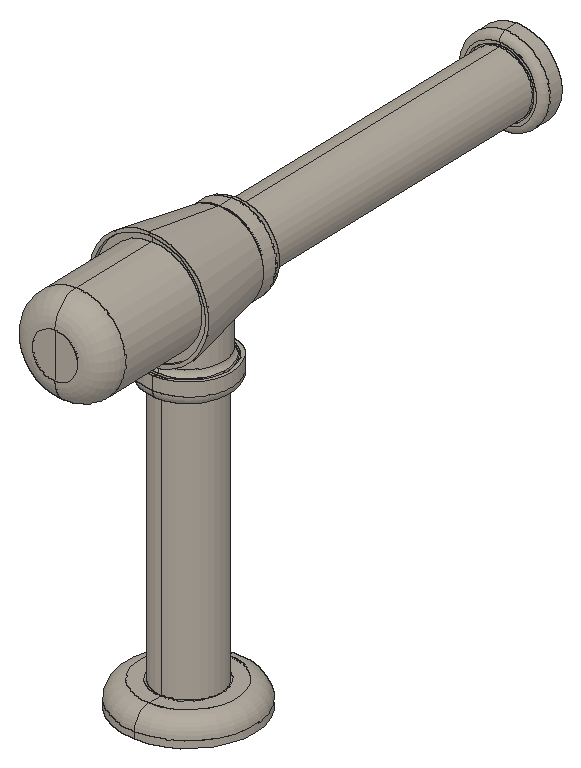
Revit family "Plumbing-Pipes-KOHLER-Complementary -K-16407IN", category Plumbing Fixtures, host Face, Revit 2021
Family settings
  Host = Face
  Round Connector Dimension = Use Diameter
  Part Type = Normal
  OmniClass Number = 23.31.13.00
  OmniClass Title = Sinks
  Cut with Voids When Loaded = No
  Shared = No
  Room Calculation Point = No
Parameters (values of type "BV-Brushed Bronze")
  Width = 2.55906"  # constant formula
  WaterSense Certified = 1 = 0  # no
  Waste Water Outlet = "Waste Water Outlet"  # constant formula
  Waste Water Inlet = "Waste Water Inlet"  # constant formula
  Waste Connection = 1 = 1  # yes
  Vent Connection = 1 = 0  # no
  URL = "https://www.kohler.co.in/"
  Type = 3
  Product Page URL = ""
  Product Name = "Complementary "  # constant formula
  Product Documentation Link = ""
  Pressure = 0.00 psi  # constant formula
  Model = if(Type = 1, "K-16407IN-AF", if(Type = 2, "K-16407IN-BN", if(Type = 3, "K-16407IN-BV", if(Type = 4, "K-16407IN-CP", "NA"))))  # "K-16407IN-BV"
  Material = "Premium Metal Construction"  # constant formula
  Master Format 2014 Name = "Residential Faucets, Supplies, and Trim"  # constant formula
  Master Format 2014 = "22 41 39"  # constant formula
  Manufacturer Address = "Ambience Office Tower NH-8 Gurgaon / Gurugram Haryana , 122001"  # constant formula
  Manufacturer = "Kohler Co."  # constant formula
  Length = 7 27/64"  # constant formula
  Hot Water Inlet = "Hot Water Inlet"  # constant formula
  Height [instance] = Distance 1 + 3.18898"  # 11.06299"
  HW Connection = 1 = 0  # no
  Flow Rate = 0 GPM  # constant formula
  Finish = Kohler-Metal-BV-Brushed_Bronze
  Environmental Product Declaration = ""
  Drain Included = 1 = 0  # no
  Distance 1 [instance] = 7.87402"
  Description = "Lavatory Bottle Trap, Without Drain"  # constant formula
  Default Elevation = 18"
  Declare Label = ""
  Date Modified = "03/05/2023"  # constant formula
  Date Created = "03/05/2023"  # constant formula
  Copyright = "Copyright Kohler Co."  # constant formula
  Contact Us = "https://www.kohler.co.in/contact-us"
  Cold Water Inlet = "Cold Water Inlet"  # constant formula
  CW Connection = 1 = 0  # no
  Assembly Code = "D2010"
  ADA Compliant = 1 = 0  # no
Reference planes (in)
  plane 1 "Center (Front/Back)": y = 0
  plane 2: z = 0
  plane 3 "Center (Left/Right)": x = 0
  plane 4 "A": y = 7.87402
  plane 5: y = -3.18898
  plane 6: x = 1.27953
  plane 7: x = -1.27953
  plane 8: y = 1.1993
  plane 9: x = 0
  plane 10: x = 0.85039
  plane 11: x = -0.85039
  plane 12: z = 0.47366
  plane 13: x = 1.14634
  plane 14: x = -1.14644
  plane 15: y = -0.625
  plane 16: y = 0.625
  plane 17: x = 0.625
  plane 18: x = -0.625
  plane 19: z = 7.42187
  plane 20: z = 8.5679
  plane 21: z = 6.27462
  plane 22: z = 6.47638
  plane 23: z = 8.36614
  plane 24: y = 7.79054
  plane 25: z = 6.5701
  plane 26: z = 8.27242
  plane 27: y = 1.27953
  plane 28: y = -1.27953
  plane 29: z = 5.62992
  plane 30: y = -0.94434
  plane 31: z = 6.04458
  plane 32: y = 7.59136
Dimensions and locks (in)
  "Width": plane 7 to plane 6
  "Height": plane 4 "A" to plane 5
  "Distance 1": plane 4 "A" to plane 1 "Center (Front/Back)"
  locked: plane 5 to plane 1 "Center (Front/Back)" at 3.1875
  plane 11 to plane 10 = 1.70079"  (x2)
  plane 8 to plane 5 = 4.38827"
  "Length": level to plane 19
  plane 6 to plane 7 = 2.55906"
  plane 5 to plane 1 "Center (Front/Back)" = 3.18898"
  plane 14 to plane 13 = 2.29279"
  level to plane 12 = 0.47366"
  level to plane 20 = 8.5679"
  level to plane 19 = 7 27/64"  (x2)
  nested 1 to plane 5 = 3.18898"
  plane 12 to level = 0.47366"
  plane 4 "A" to plane 32 = 0.28265"
  plane 24 to plane 4 "A" = 0.08348"
  aligned and locked: plane 2 to host face
  aligned and locked: level to host face
  aligned and locked: plane 3 "Center (Left/Right)" to nested 1
  aligned and locked: plane 1 "Center (Front/Back)" to nested 1
Automatic sketch dimensions
  host sketch curve to host sketch curve = 96"  (x2)
Nested families (in)
  nested 1: "K-16407IN" at (0, 0, 0), type "K-16407IN"
Connectors (in)
  piping at (0, 0, 0), diameter 1.5, driven by "Waste Connection", driven by "Waste Water Outlet"
    settings: on nested 1, index 1, connector inside diameter 24", connector length 0", flow factor 0, pipe flow 0 GPM, pressure drop 0.00 psi, fitting loss kfactor 0, connector angle 0.00°, fixture units 0, engagement length 0", angle of deflection 0.00°, flow configuration 0, flow direction 2, fitting loss method 0, system type 16, joint type 0, gender type 0, connector reference index -1, connector utility 1, adjustable connector no, is connector primary yes, connector description "Waste Water Outlet"
  piping at (0, 7.87402, 7.42126), diameter 1.5, driven by "Waste Connection", driven by "Waste Water Inlet"
    settings: on nested 1, index 2, connector inside diameter 24", connector length 0", flow factor 0, pipe flow 0 GPM, pressure drop 0.00 psi, fitting loss kfactor 0, connector angle 0.00°, fixture units 0, engagement length 0", angle of deflection 0.00°, flow configuration 0, flow direction 1, fitting loss method 0, system type 16, joint type 0, gender type 0, connector reference index -1, connector utility 1, adjustable connector no, is connector primary no, connector description "Waste Water Inlet"
Definition of nested family "K-16407IN"
  Parameters (values of type "K-16407IN")
    Material = none
    Distance 2 = 11.16142"
    Distance 1 = 7.87402"
    Default Elevation = 0"
  Reference planes (in)
    plane 1 "Center (Front/Back)": y = 0
    plane 2: z = 0
    plane 3 "Center (Left/Right)": x = 0
    plane 4: y = 7.87402
    plane 5: y = -3.18899
    plane 6: y = 1.20077
    plane 7: x = 0.85039
    plane 8: x = -0.85039
    plane 9: x = 1.27953
    plane 10: x = -1.27953
    plane 11: y = 0.85039
    plane 12: y = -0.85039
    plane 13: y = -1.27953
    plane 14: y = 1.27953
    plane 15: x = -1.14644
    plane 16: x = 1.14634
    plane 17: z = 7.42126
    plane 18: z = 8.27242
    plane 19: z = 6.5701
    plane 20: z = 8.5679
    plane 21: z = 6.27462
    plane 22: z = 8.36614
    plane 23: z = 6.47638
    plane 24: y = 7.59136
  Forms (in)
    Revolve 1, solid, material <- "Material", detail levels medium+fine
      sketch origin (0, 0, 0) x (0, 1, 0) y (0, 0, 1)
        loop
          line (0, 0) -> (1.27953, 0) -> (1.27953, 0.13244)
          arc (1.27953, 0.13244) -> (1.17958, 0.37372) -> (0.9383, 0.47366) r 0.34123
          line (0.9383, 0.47366) -> (0.66339, 0.47366)
          arc (0.66339, 0.47366) -> (0.63945, 0.46572) -> (0.625, 0.44504) r 0.04006
          line (0.625, 0.44504) -> (0.625, 5.62992) -> (0.66154, 5.62992) -> (0.66154, 5.67987) -> (0.69304, 5.67987) -> (0.69304, 5.62992) -> (0.74327, 5.62992)
          arc (0.74327, 5.62992) -> (0.75847, 5.63223) -> (0.7723, 5.63895) r 0.05118
          arc (0.7723, 5.63895) -> (0.82968, 5.70362) -> (0.85039, 5.78756) r 0.18044
          line (0.85039, 5.78756) -> (0.85039, 6.04458) -> (0.78979, 6.04458) -> (0.76972, 6.01279) -> (0.73875, 6.01279) -> (0.73875, 6.04458)
          arc (0.73875, 6.04458) -> (0.69239, 6.0974) -> (0.67567, 6.16566) r 0.14774
          line (0.67567, 6.16566) -> (0.67567, 7.42126) -> (0, 7.42126) -> (0, 0)
        axis (0, 0) -> (0, 7.42126)
      angle from 0 to 360
    Revolve 2, solid, material <- "Material", detail levels medium+fine
      sketch origin (0, 0, 0) x (0, 1, 0) y (0, 0, 1)
        loop
          line (7.87402, 7.42126) -> (7.87402, 8.27242) -> (7.59737, 8.27242)
          arc (7.59737, 8.27242) -> (7.49888, 8.23163) -> (7.45809, 8.13314) r 0.13928
          line (7.45809, 8.13314) -> (7.45809, 8.08079) -> (7.49742, 8.08079) -> (7.49742, 8.04536) -> (7.45809, 8.04536) -> (1.11838, 8.04536) -> (1.11838, 8.07644) -> (1.20077, 8.12401) -> (1.20077, 8.15662)
          arc (1.20077, 8.15662) -> (1.19798, 8.17562) -> (1.18986, 8.19302) r 0.06611
          arc (1.18986, 8.19302) -> (1.1266, 8.25088) -> (1.04348, 8.27184) r 0.17532
          line (1.04348, 8.27184) -> (0.74848, 8.27184) -> (0.74848, 8.21065) -> (0.782, 8.21065) -> (0.782, 8.17859) -> (0.72812, 8.17859) -> (0.72812, 8.273) -> (-0.94434, 8.5679) -> (-0.94434, 8.50483) -> (-0.87186, 8.50483) -> (-0.87186, 8.36614) -> (-2.6832, 8.36614)
          arc (-2.6832, 8.36614) -> (-3.04085, 8.218) -> (-3.18899, 7.86035) r 0.50579
          line (-3.18899, 7.86035) -> (-3.18899, 7.42126) -> (7.87402, 7.42126)
        axis (-3.18899, 7.42126) -> (7.87402, 7.42126)
      angle from 0 to 360
    Revolve 3, solid, material <- "Material", detail levels coarse
      sketch origin (0, 0, 0) x (0, 1, 0) y (0, 0, 1)
        loop
          line (0, 0) -> (1.27953, 0) -> (1.27953, 0.47366) -> (0.625, 0.47366) -> (0.625, 7.44036) -> (0, 7.44036) -> (0, 0)
        axis (0, 0) -> (0, 7.44036)
      angle from 0 to 360
    Revolve 4, solid, material <- "Material", detail levels coarse
      sketch origin (0, 0, 0) x (0, 1, 0) y (0, 0, 1)
        loop
          line (7.87402, 7.42126) -> (7.87402, 8.27242) -> (7.45809, 8.27242) -> (7.45809, 8.04536) -> (1.20077, 8.04536) -> (1.20077, 8.5679) -> (-2.79529, 8.5679)
          arc (-2.79529, 8.5679) -> (-3.07368, 8.45259) -> (-3.18899, 8.1742) r 0.3937
          line (-3.18899, 8.1742) -> (-3.18899, 7.42126) -> (7.87402, 7.42126)
        axis (-3.18899, 7.42126) -> (7.87402, 7.42126)
      angle from 0 to 360
    Extrusion 5, solid, material <- "Material", detail levels medium+fine
      sketch origin (0, 0, 0) x (1, 0, 0) y (0, 1, 0)
        loop
          circle (0, 0) r 0.19685
      from 0 to 0.19685
    Extrusion 6, void
      sketch origin (0, 0, -3.74016) x (1, 0, 0) y (0, 0, 1)
        loop
          circle (0, 11.16142) r 0.59055
      from -7.59136 to -1.20077
    Revolve 7, void
      sketch origin (0, 0, -3.74016) x (0, 1, 0) y (0, 0, 1)
        loop
          line (7.59136, 11.87008) -> (7.59136, 11.16142) -> (7.98739, 11.16142) -> (7.98739, 11.87008) -> (7.59136, 11.87008)
        axis (7.59136, 11.16142) -> (7.98739, 11.16142)
      angle from 0 to 360
  Cuts and joins
    Extrusion 6, Revolve 7 cuts Revolve 2
    joined: Revolve 1, Revolve 2
    joined: Revolve 3, Revolve 4
  Lines and regions (in)
    Masking region 1
      outline origin (0, 0, 0) x (1, 0, 0) y (0, 1, 0)
        loop
          line (0, 7.87402) -> (-0.85039, 7.87402) -> (-0.85039, 7.6171)
          arc (-0.85039, 7.6171) -> (-0.82448, 7.52369) -> (-0.75363, 7.45752) r 0.17882
          line (-0.75363, 7.45752) -> (-0.6236, 7.45712) -> (-0.6236, 1.19986) -> (-0.75139, 1.20073)
          arc (-0.75139, 1.20073) -> (-0.82336, 1.13629) -> (-0.85039, 1.04354) r 0.17574
          line (-0.85039, 1.04354) -> (-0.85039, 0.95604)
          arc (-0.85039, 0.95604) -> (-1.26421, 0.19742) -> (-1.10139, -0.65125) r 1.27953
          line (-1.10139, -0.65125) -> (-1.15413, -0.94299) -> (-0.95237, -0.94385) -> (-0.95986, -2.6827)
          arc (-0.95986, -2.6827) -> (-0.82672, -3.02687) -> (-0.49523, -3.18899) r 0.50579
          line (-0.49523, -3.18899) -> (0.02014, -3.18899) -> (0.49523, -3.18899)
          arc (0.49523, -3.18899) -> (0.82672, -3.02687) -> (0.95986, -2.6827) r 0.50579
          line (0.95986, -2.6827) -> (0.95237, -0.94385) -> (1.15413, -0.94299) -> (1.10139, -0.65125)
          arc (1.10139, -0.65125) -> (1.26421, 0.19742) -> (0.85039, 0.95604) r 1.27953
          line (0.85039, 0.95604) -> (0.85039, 1.04354)
          arc (0.85039, 1.04354) -> (0.82336, 1.13629) -> (0.75139, 1.20073) r 0.17574
          line (0.75139, 1.20073) -> (0.6236, 1.19986) -> (0.6236, 7.45712) -> (0.75363, 7.45752)
          arc (0.75363, 7.45752) -> (0.82448, 7.52369) -> (0.85039, 7.6171) r 0.17882
          line (0.85039, 7.6171) -> (0.85039, 7.87402) -> (0, 7.87402)
    Masking region 2
      outline origin (0, 0, 0) x (1, 0, 0) y (0, 0, 1)
        loop
          line (0, 0) -> (1.27953, 0) -> (1.27953, 0.13244)
          arc (1.27953, 0.13244) -> (1.17958, 0.37372) -> (0.9383, 0.47366) r 0.34123
          line (0.9383, 0.47366) -> (0.625, 0.47366) -> (0.625, 5.62992) -> (0.75776, 5.62992)
          arc (0.75776, 5.62992) -> (0.82552, 5.69614) -> (0.85039, 5.78756) r 0.18044
          line (0.85039, 5.78756) -> (0.85039, 6.04458) -> (0.73875, 6.04458)
          arc (0.73875, 6.04458) -> (0.69239, 6.0974) -> (0.67567, 6.16566) r 0.14774
          line (0.67567, 6.16566) -> (0.67567, 6.49484)
          arc (0.67567, 6.49484) -> (0, 8.5679) -> (-0.67567, 6.49484) r 1.14664
          line (-0.67567, 6.49484) -> (-0.67567, 6.16566)
          arc (-0.67567, 6.16566) -> (-0.69239, 6.0974) -> (-0.73875, 6.04458) r 0.14774
          line (-0.73875, 6.04458) -> (-0.85039, 6.04458) -> (-0.85039, 5.78756)
          arc (-0.85039, 5.78756) -> (-0.82552, 5.69614) -> (-0.75776, 5.62992) r 0.18044
          line (-0.75776, 5.62992) -> (-0.625, 5.62992) -> (-0.625, 0.47366) -> (-0.9383, 0.47366)
          arc (-0.9383, 0.47366) -> (-1.17958, 0.37372) -> (-1.27953, 0.13244) r 0.34123
          line (-1.27953, 0.13244) -> (-1.27953, 0) -> (0, 0)
    Masking region 3
      outline origin (0, 0, 0) x (0, 1, 0) y (0, 0, 1)
        loop
          line (7.87402, 7.42126) -> (7.87402, 8.27242) -> (7.6171, 8.27242)
          arc (7.6171, 8.27242) -> (7.5239, 8.24618) -> (7.45809, 8.17518) r 0.17862
          line (7.45809, 8.17518) -> (7.45809, 8.04536) -> (1.20077, 8.04536) -> (1.20077, 8.17396)
          arc (1.20077, 8.17396) -> (1.13611, 8.24537) -> (1.04348, 8.27184) r 0.17532
          line (1.04348, 8.27184) -> (0.78539, 8.27184) -> (0.78539, 8.17859) -> (0.72812, 8.17859) -> (0.72812, 8.273) -> (-0.94434, 8.5679) -> (-0.94434, 8.36614) -> (-2.6832, 8.36614)
          arc (-2.6832, 8.36614) -> (-3.04085, 8.218) -> (-3.18899, 7.86035) r 0.50579
          line (-3.18899, 7.86035) -> (-3.18899, 7.42126) -> (-3.18899, 6.98217)
          arc (-3.18899, 6.98217) -> (-3.04085, 6.62452) -> (-2.6832, 6.47638) r 0.50579
          line (-2.6832, 6.47638) -> (-0.94434, 6.47638) -> (-0.94434, 6.27462) -> (-0.67567, 6.32199) -> (-0.67567, 6.16566)
          arc (-0.67567, 6.16566) -> (-0.69239, 6.0974) -> (-0.73875, 6.04458) r 0.14774
          line (-0.73875, 6.04458) -> (-0.85039, 6.04458) -> (-0.85039, 5.78756)
          arc (-0.85039, 5.78756) -> (-0.82552, 5.69614) -> (-0.75776, 5.62992) r 0.18044
          line (-0.75776, 5.62992) -> (-0.625, 5.62992) -> (-0.625, 0.47366) -> (-0.9383, 0.47366)
          arc (-0.9383, 0.47366) -> (-1.17958, 0.37372) -> (-1.27953, 0.13244) r 0.34123
          line (-1.27953, 0.13244) -> (-1.27953, 0) -> (0, 0) -> (1.27953, 0) -> (1.27953, 0.13244)
          arc (1.27953, 0.13244) -> (1.17958, 0.37372) -> (0.9383, 0.47366) r 0.34123
          line (0.9383, 0.47366) -> (0.625, 0.47366) -> (0.625, 5.62992) -> (0.75776, 5.62992)
          arc (0.75776, 5.62992) -> (0.82552, 5.69614) -> (0.85039, 5.78756) r 0.18044
          line (0.85039, 5.78756) -> (0.85039, 6.04458) -> (0.73875, 6.04458)
          arc (0.73875, 6.04458) -> (0.69239, 6.0974) -> (0.67567, 6.16566) r 0.14774
          line (0.67567, 6.16566) -> (0.67567, 6.36251) -> (0.67567, 6.56027) -> (0.72812, 6.56952) -> (0.72812, 6.66393) -> (0.78539, 6.66393) -> (0.78539, 6.57068) -> (1.04348, 6.57068)
          arc (1.04348, 6.57068) -> (1.13611, 6.59715) -> (1.20077, 6.66856) r 0.17532
          line (1.20077, 6.66856) -> (1.20077, 6.79716) -> (7.45809, 6.79716) -> (7.45809, 6.66734)
          arc (7.45809, 6.66734) -> (7.5239, 6.59634) -> (7.6171, 6.5701) r 0.17862
          line (7.6171, 6.5701) -> (7.87402, 6.5701) -> (7.87402, 7.42126)
    symbolic lines, detail levels medium+fine
      curve 1: line (-0.6236, 7.45712, 0) -> (0.6236, 7.45712, 0)
      curve 2: line (-0.6236, 1.19986, 0) -> (0.6236, 1.19986, 0)
      curve 3: line (-0.95238, -0.94434, 0) -> (0.95238, -0.94434, 0)
      curve 4: line (-1.10139, -0.65125, 0) -> (-0.85039, 0.72812, 0)
      curve 5: line (1.10139, -0.65125, 0) -> (0.85174, 0.72812, 0)
      curve 6: line (-0.85039, 0.78539, 0) -> (0.85039, 0.78539, 0)
      curve 7: line (-0.85039, 0.72812, 0) -> (0, 0.72812, 0)
      curve 8: line (0, 0.72812, 0) -> (0.85174, 0.72812, 0)
      curve 9: line (-0.85039, 0.95649, 0) -> (-0.85039, 0.78539, 0)
      curve 10: line (0.85039, 0.95649, 0) -> (0.85039, 0.78539, 0)
      curve 11: line (0.75286, 0.78539, 0) -> (0.75286, 0.72812, 0)
      curve 12: line (-0.75286, 0.78539, 0) -> (-0.75286, 0.72812, 0)
      curve 13: line (-0.625, 0, 0.47366) -> (0.625, 0, 0.47366)
      curve 14: line (-0.625, 0, 5.62992) -> (0.625, 0, 5.62992)
      curve 15: line (-0.73875, 0, 6.04458) -> (0.73875, 0, 6.04458)
      curve 16: arc (-0.67567, 0, 6.49484) -> (0, 0, 6.27462) -> (0.67567, 0, 6.49484) r 1.14664
      curve 17: circle (0, 0, 7.42126) r 0.94488 normal (0, -1, 0)
      curve 18: line (0, 7.45809, 6.79716) -> (0, 7.45809, 8.04536)
      curve 19: line (0, 1.20077, 6.79716) -> (0, 1.20077, 8.04536)
      curve 20: line (0, 0.78539, 6.66393) -> (0, 0.78539, 8.17859)
      curve 21: line (0, 0.72812, 8.17859) -> (0, 0.72812, 6.66393)
      curve 22: line (0, -0.94434, 8.36614) -> (0, -0.94434, 6.47638)
      curve 23: line (0, 0.73875, 6.04458) -> (0, -0.73875, 6.04458)
      curve 24: line (0, 0.625, 5.62992) -> (0, -0.625, 5.62992)
      curve 25: line (0, 0.625, 0.47366) -> (0, -0.625, 0.47366)
      curve 26: arc (0, 0.67567, 6.56027) -> (0, -0.04942, 6.7214) -> (0, -0.67567, 6.32199) r 0.96931
      curve 27: line (-0.85039, 0, 5.97117) -> (0.85039, 0, 5.97117)
      curve 28: line (-0.85039, 0, 5.83417) -> (0.85039, 0, 5.83417)
      curve 29: line (-0.82677, 0, 5.83417) -> (-0.82677, 0, 5.97117)
      curve 30: line (-0.7874, 0, 5.83417) -> (-0.7874, 0, 5.97117)
      curve 31: line (-0.74803, 0, 5.83417) -> (-0.74803, 0, 5.97117)
      curve 32: line (-0.70866, 0, 5.83417) -> (-0.70866, 0, 5.97117)
      curve 33: line (-0.66929, 0, 5.83417) -> (-0.66929, 0, 5.97117)
      curve 34: line (-0.62992, 0, 5.83417) -> (-0.62992, 0, 5.97117)
      curve 35: line (-0.59055, 0, 5.83417) -> (-0.59055, 0, 5.97117)
      curve 36: line (-0.55118, 0, 5.83417) -> (-0.55118, 0, 5.97117)
      curve 37: line (-0.51181, 0, 5.83417) -> (-0.51181, 0, 5.97117)
      curve 38: line (-0.47244, 0, 5.83417) -> (-0.47244, 0, 5.97117)
      curve 39: line (-0.43307, 0, 5.83417) -> (-0.43307, 0, 5.97117)
      curve 40: line (-0.3937, 0, 5.83417) -> (-0.3937, 0, 5.97117)
      curve 41: line (-0.35433, 0, 5.83417) -> (-0.35433, 0, 5.97117)
      curve 42: line (-0.31496, 0, 5.83417) -> (-0.31496, 0, 5.97117)
      curve 43: line (-0.27559, 0, 5.83417) -> (-0.27559, 0, 5.97117)
      curve 44: line (-0.23622, 0, 5.83417) -> (-0.23622, 0, 5.97117)
      curve 45: line (-0.19685, 0, 5.83417) -> (-0.19685, 0, 5.97117)
      curve 46: line (-0.15748, 0, 5.83417) -> (-0.15748, 0, 5.97117)
      curve 47: line (-0.11811, 0, 5.83417) -> (-0.11811, 0, 5.97117)
      curve 48: line (-0.07874, 0, 5.83417) -> (-0.07874, 0, 5.97117)
      curve 49: line (-0.03937, 0, 5.83417) -> (-0.03937, 0, 5.97117)
      curve 50: line (0, 0, 5.83417) -> (0, 0, 5.97117)
      curve 51: line (0.82677, 0, 5.83417) -> (0.82677, 0, 5.97117)
      curve 52: line (0.7874, 0, 5.83417) -> (0.7874, 0, 5.97117)
      curve 53: line (0.74803, 0, 5.83417) -> (0.74803, 0, 5.97117)
      curve 54: line (0.70866, 0, 5.83417) -> (0.70866, 0, 5.97117)
      curve 55: line (0.66929, 0, 5.83417) -> (0.66929, 0, 5.97117)
      curve 56: line (0.62992, 0, 5.83417) -> (0.62992, 0, 5.97117)
      curve 57: line (0.59055, 0, 5.83417) -> (0.59055, 0, 5.97117)
      curve 58: line (0.55118, 0, 5.83417) -> (0.55118, 0, 5.97117)
      curve 59: line (0.51181, 0, 5.83417) -> (0.51181, 0, 5.97117)
      curve 60: line (0.47244, 0, 5.83417) -> (0.47244, 0, 5.97117)
      curve 61: line (0.43307, 0, 5.83417) -> (0.43307, 0, 5.97117)
      curve 62: line (0.3937, 0, 5.83417) -> (0.3937, 0, 5.97117)
      curve 63: line (0.35433, 0, 5.83417) -> (0.35433, 0, 5.97117)
      curve 64: line (0.31496, 0, 5.83417) -> (0.31496, 0, 5.97117)
      curve 65: line (0.27559, 0, 5.83417) -> (0.27559, 0, 5.97117)
      curve 66: line (0.23622, 0, 5.83417) -> (0.23622, 0, 5.97117)
      curve 67: line (0.19685, 0, 5.83417) -> (0.19685, 0, 5.97117)
      curve 68: line (0.15748, 0, 5.83417) -> (0.15748, 0, 5.97117)
      curve 69: line (0.11811, 0, 5.83417) -> (0.11811, 0, 5.97117)
      curve 70: line (0.07874, 0, 5.83417) -> (0.07874, 0, 5.97117)
      curve 71: line (0.03937, 0, 5.83417) -> (0.03937, 0, 5.97117)
      curve 72: line (-0.85039, 7.78866, 0) -> (0.85039, 7.78866, 0)
      curve 73: line (-0.85039, 7.63613, 0) -> (0.85039, 7.63613, 0)
      curve 74: line (-0.00033, 7.63613, 0) -> (-0.00033, 7.78866, 0)
      curve 75: line (-0.0397, 7.63613, 0) -> (-0.0397, 7.78866, 0)
      curve 76: line (-0.07907, 7.63613, 0) -> (-0.07907, 7.78866, 0)
      curve 77: line (-0.11844, 7.63613, 0) -> (-0.11844, 7.78866, 0)
      curve 78: line (-0.15781, 7.63613, 0) -> (-0.15781, 7.78866, 0)
      curve 79: line (-0.19718, 7.63613, 0) -> (-0.19718, 7.78866, 0)
      curve 80: line (-0.23655, 7.63613, 0) -> (-0.23655, 7.78866, 0)
      curve 81: line (-0.27592, 7.63613, 0) -> (-0.27592, 7.78866, 0)
      curve 82: line (-0.31529, 7.63613, 0) -> (-0.31529, 7.78866, 0)
      curve 83: line (-0.35466, 7.63613, 0) -> (-0.35466, 7.78866, 0)
      curve 84: line (-0.39403, 7.63613, 0) -> (-0.39403, 7.78866, 0)
      curve 85: line (-0.4334, 7.63613, 0) -> (-0.4334, 7.78866, 0)
      curve 86: line (-0.47277, 7.63613, 0) -> (-0.47277, 7.78866, 0)
      curve 87: line (-0.51214, 7.63613, 0) -> (-0.51214, 7.78866, 0)
      curve 88: line (-0.55151, 7.63613, 0) -> (-0.55151, 7.78866, 0)
      curve 89: line (-0.59088, 7.63613, 0) -> (-0.59088, 7.78866, 0)
      curve 90: line (-0.63025, 7.63613, 0) -> (-0.63025, 7.78866, 0)
      curve 91: line (-0.66962, 7.63613, 0) -> (-0.66962, 7.78866, 0)
      curve 92: line (-0.70899, 7.63613, 0) -> (-0.70899, 7.78866, 0)
      curve 93: line (-0.74836, 7.63613, 0) -> (-0.74836, 7.78866, 0)
      curve 94: line (-0.78773, 7.63613, 0) -> (-0.78773, 7.78866, 0)
      curve 95: line (-0.8271, 7.63613, 0) -> (-0.8271, 7.78866, 0)
      curve 96: line (0.0397, 7.63613, 0) -> (0.0397, 7.78866, 0)
      curve 97: line (0.07907, 7.63613, 0) -> (0.07907, 7.78866, 0)
      curve 98: line (0.11844, 7.63613, 0) -> (0.11844, 7.78866, 0)
      curve 99: line (0.15781, 7.63613, 0) -> (0.15781, 7.78866, 0)
      curve 100: line (0.19718, 7.63613, 0) -> (0.19718, 7.78866, 0)
      curve 101: line (0.23655, 7.63613, 0) -> (0.23655, 7.78866, 0)
      curve 102: line (0.27592, 7.63613, 0) -> (0.27592, 7.78866, 0)
      curve 103: line (0.31529, 7.63613, 0) -> (0.31529, 7.78866, 0)
      curve 104: line (0.35466, 7.63613, 0) -> (0.35466, 7.78866, 0)
      curve 105: line (0.39403, 7.63613, 0) -> (0.39403, 7.78866, 0)
      curve 106: line (0.4334, 7.63613, 0) -> (0.4334, 7.78866, 0)
      curve 107: line (0.47277, 7.63613, 0) -> (0.47277, 7.78866, 0)
      curve 108: line (0.51214, 7.63613, 0) -> (0.51214, 7.78866, 0)
      curve 109: line (0.55151, 7.63613, 0) -> (0.55151, 7.78866, 0)
      curve 110: line (0.59088, 7.63613, 0) -> (0.59088, 7.78866, 0)
      curve 111: line (0.63025, 7.63613, 0) -> (0.63025, 7.78866, 0)
      curve 112: line (0.66962, 7.63613, 0) -> (0.66962, 7.78866, 0)
      curve 113: line (0.70899, 7.63613, 0) -> (0.70899, 7.78866, 0)
      curve 114: line (0.74836, 7.63613, 0) -> (0.74836, 7.78866, 0)
      curve 115: line (0.78773, 7.63613, 0) -> (0.78773, 7.78866, 0)
      curve 116: line (0.8271, 7.63613, 0) -> (0.8271, 7.78866, 0)
      curve 117: line (-0.85039, 0.90728, 0) -> (0.85039, 0.90728, 0)
      curve 118: line (-0.00033, 0.90728, 0) -> (-0.00033, 1.0475, 0)
      curve 119: line (-0.0397, 0.90728, 0) -> (-0.0397, 1.0475, 0)
      curve 120: line (-0.07907, 0.90728, 0) -> (-0.07907, 1.0475, 0)
      curve 121: line (-0.11844, 0.90728, 0) -> (-0.11844, 1.0475, 0)
      curve 122: line (-0.15781, 0.90728, 0) -> (-0.15781, 1.0475, 0)
      curve 123: line (-0.19718, 0.90728, 0) -> (-0.19718, 1.0475, 0)
      curve 124: line (-0.23655, 0.90728, 0) -> (-0.23655, 1.0475, 0)
      curve 125: line (-0.27592, 0.90728, 0) -> (-0.27592, 1.0475, 0)
      curve 126: line (-0.31529, 0.90728, 0) -> (-0.31529, 1.0475, 0)
      curve 127: line (-0.35466, 0.90728, 0) -> (-0.35466, 1.0475, 0)
      curve 128: line (-0.39403, 0.90728, 0) -> (-0.39403, 1.0475, 0)
      curve 129: line (-0.4334, 0.90728, 0) -> (-0.4334, 1.0475, 0)
      curve 130: line (-0.47277, 0.90728, 0) -> (-0.47277, 1.0475, 0)
      curve 131: line (-0.51214, 0.90728, 0) -> (-0.51214, 1.0475, 0)
      curve 132: line (-0.55151, 0.90728, 0) -> (-0.55151, 1.0475, 0)
      curve 133: line (-0.59088, 0.90728, 0) -> (-0.59088, 1.0475, 0)
      curve 134: line (-0.63025, 0.90728, 0) -> (-0.63025, 1.0475, 0)
      curve 135: line (-0.66962, 0.90728, 0) -> (-0.66962, 1.0475, 0)
      curve 136: line (-0.70899, 0.90728, 0) -> (-0.70899, 1.0475, 0)
      curve 137: line (-0.74836, 0.90728, 0) -> (-0.74836, 1.0475, 0)
      curve 138: line (-0.78773, 0.90728, 0) -> (-0.78773, 1.0475, 0)
      curve 139: line (-0.8271, 0.90728, 0) -> (-0.8271, 1.0475, 0)
      curve 140: line (0.0397, 0.90728, 0) -> (0.0397, 1.0475, 0)
      curve 141: line (0.07907, 0.90728, 0) -> (0.07907, 1.0475, 0)
      curve 142: line (0.11844, 0.90728, 0) -> (0.11844, 1.0475, 0)
      curve 143: line (0.15781, 0.90728, 0) -> (0.15781, 1.0475, 0)
      curve 144: line (0.19718, 0.90728, 0) -> (0.19718, 1.0475, 0)
      curve 145: line (0.23655, 0.90728, 0) -> (0.23655, 1.0475, 0)
      curve 146: line (0.27592, 0.90728, 0) -> (0.27592, 1.0475, 0)
      curve 147: line (0.31529, 0.90728, 0) -> (0.31529, 1.0475, 0)
      curve 148: line (0.35466, 0.90728, 0) -> (0.35466, 1.0475, 0)
      curve 149: line (0.39403, 0.90728, 0) -> (0.39403, 1.0475, 0)
      curve 150: line (0.4334, 0.90728, 0) -> (0.4334, 1.0475, 0)
      curve 151: line (0.47277, 0.90728, 0) -> (0.47277, 1.0475, 0)
      curve 152: line (0.51214, 0.90728, 0) -> (0.51214, 1.0475, 0)
      curve 153: line (0.55151, 0.90728, 0) -> (0.55151, 1.0475, 0)
      curve 154: line (0.59088, 0.90728, 0) -> (0.59088, 1.0475, 0)
      curve 155: line (0.63025, 0.90728, 0) -> (0.63025, 1.0475, 0)
      curve 156: line (0.66962, 0.90728, 0) -> (0.66962, 1.0475, 0)
      curve 157: line (0.70899, 0.90728, 0) -> (0.70899, 1.0475, 0)
      curve 158: line (0.74836, 0.90728, 0) -> (0.74836, 1.0475, 0)
      curve 159: line (0.78773, 0.90728, 0) -> (0.78773, 1.0475, 0)
      curve 160: line (0.8271, 0.90728, 0) -> (0.8271, 1.0475, 0)
      curve 161: line (0, 7.79054, 8.27242) -> (0, 7.79054, 6.5701)
      curve 162: line (0, 7.63942, 6.5701) -> (0, 7.63942, 8.27242)
      curve 163: line (0, 7.79054, 7.42126) -> (0, 7.63942, 7.42126)
      curve 164: line (0, 7.79054, 7.46063) -> (0, 7.63942, 7.46063)
      curve 165: line (0, 7.79054, 7.5) -> (0, 7.63942, 7.5)
      curve 166: line (0, 7.79054, 7.53937) -> (0, 7.63942, 7.53937)
      curve 167: line (0, 7.79054, 7.57874) -> (0, 7.63942, 7.57874)
      curve 168: line (0, 7.79054, 7.61811) -> (0, 7.63942, 7.61811)
      curve 169: line (0, 7.79054, 7.65748) -> (0, 7.63942, 7.65748)
      curve 170: line (0, 7.79054, 7.69685) -> (0, 7.63942, 7.69685)
      curve 171: line (0, 7.79054, 7.73622) -> (0, 7.63942, 7.73622)
      curve 172: line (0, 7.79054, 7.77559) -> (0, 7.63942, 7.77559)
      curve 173: line (0, 7.79054, 7.81496) -> (0, 7.63942, 7.81496)
      curve 174: line (0, 7.79054, 7.85433) -> (0, 7.63942, 7.85433)
      curve 175: line (0, 7.79054, 7.8937) -> (0, 7.63942, 7.8937)
      curve 176: line (0, 7.79054, 7.93307) -> (0, 7.63942, 7.93307)
      curve 177: line (0, 7.79054, 7.97244) -> (0, 7.63942, 7.97244)
      curve 178: line (0, 7.79054, 8.01181) -> (0, 7.63942, 8.01181)
      curve 179: line (0, 7.79054, 8.05118) -> (0, 7.63942, 8.05118)
      curve 180: line (0, 7.79054, 8.09055) -> (0, 7.63942, 8.09055)
      curve 181: line (0, 7.79054, 8.12992) -> (0, 7.63942, 8.12992)
      curve 182: line (0, 7.79054, 8.16929) -> (0, 7.63942, 8.16929)
      curve 183: line (0, 7.79054, 8.20866) -> (0, 7.63942, 8.20866)
      curve 184: line (0, 7.79054, 8.24803) -> (0, 7.63942, 8.24803)
      curve 185: line (0, 7.79054, 7.38189) -> (0, 7.63942, 7.38189)
      curve 186: line (0, 7.79054, 7.34252) -> (0, 7.63942, 7.34252)
      curve 187: line (0, 7.79054, 7.30315) -> (0, 7.63942, 7.30315)
      curve 188: line (0, 7.79054, 7.26378) -> (0, 7.63942, 7.26378)
      curve 189: line (0, 7.79054, 7.22441) -> (0, 7.63942, 7.22441)
      curve 190: line (0, 7.79054, 7.18504) -> (0, 7.63942, 7.18504)
      curve 191: line (0, 7.79054, 7.14567) -> (0, 7.63942, 7.14567)
      curve 192: line (0, 7.79054, 7.1063) -> (0, 7.63942, 7.1063)
      curve 193: line (0, 7.79054, 7.06693) -> (0, 7.63942, 7.06693)
      curve 194: line (0, 7.79054, 7.02756) -> (0, 7.63942, 7.02756)
      curve 195: line (0, 7.79054, 6.98819) -> (0, 7.63942, 6.98819)
      curve 196: line (0, 7.79054, 6.94882) -> (0, 7.63942, 6.94882)
      curve 197: line (0, 7.79054, 6.90945) -> (0, 7.63942, 6.90945)
      curve 198: line (0, 7.79054, 6.87008) -> (0, 7.63942, 6.87008)
      curve 199: line (0, 7.79054, 6.83071) -> (0, 7.63942, 6.83071)
      curve 200: line (0, 7.79054, 6.79134) -> (0, 7.63942, 6.79134)
      curve 201: line (0, 7.79054, 6.75197) -> (0, 7.63942, 6.75197)
      curve 202: line (0, 7.79054, 6.7126) -> (0, 7.63942, 6.7126)
      curve 203: line (0, 7.79054, 6.67323) -> (0, 7.63942, 6.67323)
      curve 204: line (0, 7.79054, 6.63386) -> (0, 7.63942, 6.63386)
      curve 205: line (0, 7.79054, 6.59449) -> (0, 7.63942, 6.59449)
      curve 206: line (0, 1.07565, 8.26886) -> (0, 1.07565, 6.57366)
      curve 207: line (0, 1.07565, 7.42126) -> (0, 0.90916, 7.42126)
      curve 208: line (0, 1.07565, 7.46063) -> (0, 0.90916, 7.46063)
      curve 209: line (0, 1.07565, 7.5) -> (0, 0.90916, 7.5)
      curve 210: line (0, 1.07565, 7.53937) -> (0, 0.90916, 7.53937)
      curve 211: line (0, 1.07565, 7.57874) -> (0, 0.90916, 7.57874)
      curve 212: line (0, 1.07565, 7.61811) -> (0, 0.90916, 7.61811)
      curve 213: line (0, 1.07565, 7.65748) -> (0, 0.90916, 7.65748)
      curve 214: line (0, 1.07565, 7.69685) -> (0, 0.90916, 7.69685)
      curve 215: line (0, 1.07565, 7.73622) -> (0, 0.90916, 7.73622)
      curve 216: line (0, 1.07565, 7.77559) -> (0, 0.90916, 7.77559)
      curve 217: line (0, 1.07565, 7.81496) -> (0, 0.90916, 7.81496)
      curve 218: line (0, 1.07565, 7.85433) -> (0, 0.90916, 7.85433)
      curve 219: line (0, 1.07565, 7.8937) -> (0, 0.90916, 7.8937)
      curve 220: line (0, 1.07565, 7.93307) -> (0, 0.90916, 7.93307)
      curve 221: line (0, 1.07565, 7.97244) -> (0, 0.90916, 7.97244)
      curve 222: line (0, 1.07565, 8.01181) -> (0, 0.90916, 8.01181)
      curve 223: line (0, 1.07565, 8.05118) -> (0, 0.90916, 8.05118)
      curve 224: line (0, 1.07565, 8.09055) -> (0, 0.90916, 8.09055)
      curve 225: line (0, 1.07565, 8.12992) -> (0, 0.90916, 8.12992)
      curve 226: line (0, 1.07565, 8.16929) -> (0, 0.90916, 8.16929)
      curve 227: line (0, 1.07565, 8.20866) -> (0, 0.90916, 8.20866)
      curve 228: line (0, 1.07565, 8.24803) -> (0, 0.90916, 8.24803)
      curve 229: line (0, 1.07565, 7.38189) -> (0, 0.90916, 7.38189)
      curve 230: line (0, 1.07565, 7.34252) -> (0, 0.90916, 7.34252)
      curve 231: line (0, 1.07565, 7.30315) -> (0, 0.90916, 7.30315)
      curve 232: line (0, 1.07565, 7.26378) -> (0, 0.90916, 7.26378)
      curve 233: line (0, 1.07565, 7.22441) -> (0, 0.90916, 7.22441)
      curve 234: line (0, 1.07565, 7.18504) -> (0, 0.90916, 7.18504)
      curve 235: line (0, 1.07565, 7.14567) -> (0, 0.90916, 7.14567)
      curve 236: line (0, 1.07565, 7.1063) -> (0, 0.90916, 7.1063)
      curve 237: line (0, 1.07565, 7.06693) -> (0, 0.90916, 7.06693)
      curve 238: line (0, 1.07565, 7.02756) -> (0, 0.90916, 7.02756)
      curve 239: line (0, 1.07565, 6.98819) -> (0, 0.90916, 6.98819)
      curve 240: line (0, 1.07565, 6.94882) -> (0, 0.90916, 6.94882)
      curve 241: line (0, 1.07565, 6.90945) -> (0, 0.90916, 6.90945)
      curve 242: line (0, 1.07565, 6.87008) -> (0, 0.90916, 6.87008)
      curve 243: line (0, 1.07565, 6.83071) -> (0, 0.90916, 6.83071)
      curve 244: line (0, 1.07565, 6.79134) -> (0, 0.90916, 6.79134)
      curve 245: line (0, 1.07565, 6.75197) -> (0, 0.90916, 6.75197)
      curve 246: line (0, 1.07565, 6.7126) -> (0, 0.90916, 6.7126)
      curve 247: line (0, 1.07565, 6.67323) -> (0, 0.90916, 6.67323)
      curve 248: line (0, 1.07565, 6.63386) -> (0, 0.90916, 6.63386)
      curve 249: line (0, 1.07565, 6.59449) -> (0, 0.90916, 6.59449)
      curve 250: circle (0, 0, 7.42126) r 0.85118 normal (0, -1, 0)
      curve 251: circle (0, 0, 7.42126) r 0.48773 normal (0, -1, 0)
      curve 252: line (0, 0.85039, 5.93348) -> (0, -0.85039, 5.93348)
      curve 253: line (0, 0.85039, 5.79379) -> (0, -0.85039, 5.79379)
      curve 254: line (0, 0, 5.79379) -> (0, 0, 5.93348)
      curve 255: line (0, 0.03937, 5.79379) -> (0, 0.03937, 5.93348)
      curve 256: line (0, 0.07874, 5.79379) -> (0, 0.07874, 5.93348)
      curve 257: line (0, 0.11811, 5.79379) -> (0, 0.11811, 5.93348)
      curve 258: line (0, 0.15748, 5.79379) -> (0, 0.15748, 5.93348)
      curve 259: line (0, 0.19685, 5.79379) -> (0, 0.19685, 5.93348)
      curve 260: line (0, 0.23622, 5.79379) -> (0, 0.23622, 5.93348)
      curve 261: line (0, 0.27559, 5.79379) -> (0, 0.27559, 5.93348)
      curve 262: line (0, 0.31496, 5.79379) -> (0, 0.31496, 5.93348)
      curve 263: line (0, 0.35433, 5.79379) -> (0, 0.35433, 5.93348)
      curve 264: line (0, 0.3937, 5.79379) -> (0, 0.3937, 5.93348)
      curve 265: line (0, 0.43307, 5.79379) -> (0, 0.43307, 5.93348)
      curve 266: line (0, 0.47244, 5.79379) -> (0, 0.47244, 5.93348)
      curve 267: line (0, 0.51181, 5.79379) -> (0, 0.51181, 5.93348)
      curve 268: line (0, 0.55118, 5.79379) -> (0, 0.55118, 5.93348)
      curve 269: line (0, 0.59055, 5.79379) -> (0, 0.59055, 5.93348)
      curve 270: line (0, 0.62992, 5.79379) -> (0, 0.62992, 5.93348)
      curve 271: line (0, 0.66929, 5.79379) -> (0, 0.66929, 5.93348)
      curve 272: line (0, 0.70866, 5.79379) -> (0, 0.70866, 5.93348)
      curve 273: line (0, 0.74803, 5.79379) -> (0, 0.74803, 5.93348)
      curve 274: line (0, 0.7874, 5.79379) -> (0, 0.7874, 5.93348)
      curve 275: line (0, 0.82677, 5.79379) -> (0, 0.82677, 5.93348)
      curve 276: line (0, -0.03937, 5.79379) -> (0, -0.03937, 5.93348)
      curve 277: line (0, -0.07874, 5.79379) -> (0, -0.07874, 5.93348)
      curve 278: line (0, -0.11811, 5.79379) -> (0, -0.11811, 5.93348)
      curve 279: line (0, -0.15748, 5.79379) -> (0, -0.15748, 5.93348)
      curve 280: line (0, -0.19685, 5.79379) -> (0, -0.19685, 5.93348)
      curve 281: line (0, -0.23622, 5.79379) -> (0, -0.23622, 5.93348)
      curve 282: line (0, -0.27559, 5.79379) -> (0, -0.27559, 5.93348)
      curve 283: line (0, -0.31496, 5.79379) -> (0, -0.31496, 5.93348)
      curve 284: line (0, -0.35433, 5.79379) -> (0, -0.35433, 5.93348)
      curve 285: line (0, -0.3937, 5.79379) -> (0, -0.3937, 5.93348)
      curve 286: line (0, -0.43307, 5.79379) -> (0, -0.43307, 5.93348)
      curve 287: line (0, -0.47244, 5.79379) -> (0, -0.47244, 5.93348)
      curve 288: line (0, -0.51181, 5.79379) -> (0, -0.51181, 5.93348)
      curve 289: line (0, -0.55118, 5.79379) -> (0, -0.55118, 5.93348)
      curve 290: line (0, -0.59055, 5.79379) -> (0, -0.59055, 5.93348)
      curve 291: line (0, -0.62992, 5.79379) -> (0, -0.62992, 5.93348)
      curve 292: line (0, -0.66929, 5.79379) -> (0, -0.66929, 5.93348)
      curve 293: line (0, -0.70866, 5.79379) -> (0, -0.70866, 5.93348)
      curve 294: line (0, -0.74803, 5.79379) -> (0, -0.74803, 5.93348)
      curve 295: line (0, -0.7874, 5.79379) -> (0, -0.7874, 5.93348)
      curve 296: line (0, -0.82677, 5.79379) -> (0, -0.82677, 5.93348)
      curve 297: line (-0.95986, -2.6827, 0) -> (0.95986, -2.6827, 0)
      curve 298: line (0, -2.6832, 8.36614) -> (0, -2.6832, 6.47638)
      curve 299: arc (0, 0.67567, 6.46139) -> (0, -0.04164, 6.61124) -> (0, -0.67567, 6.24382) r 1.02492
      curve 300: line (0, 0.67567, 6.16566) -> (0, -0.67567, 6.16566)
      curve 301: line (-0.67567, 0, 6.16566) -> (0.67567, 0, 6.16566)
      curve 302: line (0, 0, 0.13434) -> (0, 0, 0.27403)
      curve 303: line (0, 0.03937, 0.13434) -> (0, 0.03937, 0.27403)
      curve 304: line (0, 0.07874, 0.13434) -> (0, 0.07874, 0.27403)
      curve 305: line (0, 0.11811, 0.13434) -> (0, 0.11811, 0.27403)
      curve 306: line (0, 0.15748, 0.13434) -> (0, 0.15748, 0.27403)
      curve 307: line (0, 0.19685, 0.13434) -> (0, 0.19685, 0.27403)
      curve 308: line (0, 0.23622, 0.13434) -> (0, 0.23622, 0.27403)
      curve 309: line (0, 0.27559, 0.13434) -> (0, 0.27559, 0.27403)
      curve 310: line (0, 0.31496, 0.13434) -> (0, 0.31496, 0.27403)
      curve 311: line (0, 0.35433, 0.13434) -> (0, 0.35433, 0.27403)
      curve 312: line (0, 0.3937, 0.13434) -> (0, 0.3937, 0.27403)
      curve 313: line (0, 0.43307, 0.13434) -> (0, 0.43307, 0.27403)
      curve 314: line (0, 0.47244, 0.13434) -> (0, 0.47244, 0.27403)
      curve 315: line (0, 0.51181, 0.13434) -> (0, 0.51181, 0.27403)
      curve 316: line (0, 0.55118, 0.13434) -> (0, 0.55118, 0.27403)
      curve 317: line (0, 0.59055, 0.13434) -> (0, 0.59055, 0.27403)
      curve 318: line (0, 0.62992, 0.13434) -> (0, 0.62992, 0.27403)
      curve 319: line (0, 0.66929, 0.13434) -> (0, 0.66929, 0.27403)
      curve 320: line (0, 0.70866, 0.13434) -> (0, 0.70866, 0.27403)
      curve 321: line (0, 0.74803, 0.13434) -> (0, 0.74803, 0.27403)
      curve 322: line (0, 0.7874, 0.13434) -> (0, 0.7874, 0.27403)
      curve 323: line (0, 0.82677, 0.13434) -> (0, 0.82677, 0.27403)
      curve 324: line (0, -0.03937, 0.13434) -> (0, -0.03937, 0.27403)
      curve 325: line (0, -0.07874, 0.13434) -> (0, -0.07874, 0.27403)
      curve 326: line (0, -0.11811, 0.13434) -> (0, -0.11811, 0.27403)
      curve 327: line (0, -0.15748, 0.13434) -> (0, -0.15748, 0.27403)
      curve 328: line (0, -0.19685, 0.13434) -> (0, -0.19685, 0.27403)
      curve 329: line (0, -0.23622, 0.13434) -> (0, -0.23622, 0.27403)
      curve 330: line (0, -0.27559, 0.13434) -> (0, -0.27559, 0.27403)
      curve 331: line (0, -0.31496, 0.13434) -> (0, -0.31496, 0.27403)
      curve 332: line (0, -0.35433, 0.13434) -> (0, -0.35433, 0.27403)
      curve 333: line (0, -0.3937, 0.13434) -> (0, -0.3937, 0.27403)
      curve 334: line (0, -0.43307, 0.13434) -> (0, -0.43307, 0.27403)
      curve 335: line (0, -0.47244, 0.13434) -> (0, -0.47244, 0.27403)
      curve 336: line (0, -0.51181, 0.13434) -> (0, -0.51181, 0.27403)
      curve 337: line (0, -0.55118, 0.13434) -> (0, -0.55118, 0.27403)
      curve 338: line (0, -0.59055, 0.13434) -> (0, -0.59055, 0.27403)
      curve 339: line (0, -0.62992, 0.13434) -> (0, -0.62992, 0.27403)
      curve 340: line (0, -0.66929, 0.13434) -> (0, -0.66929, 0.27403)
      curve 341: line (0, -0.70866, 0.13434) -> (0, -0.70866, 0.27403)
      curve 342: line (0, -0.74803, 0.13434) -> (0, -0.74803, 0.27403)
      curve 343: line (0, -0.7874, 0.13434) -> (0, -0.7874, 0.27403)
      curve 344: line (0, -0.82677, 0.13434) -> (0, -0.82677, 0.27403)
      curve 345: line (0, 0.86614, 0.13434) -> (0, 0.86614, 0.27403)
      curve 346: line (0, 0.90551, 0.13434) -> (0, 0.90551, 0.27403)
      curve 347: line (0, 0.94488, 0.13434) -> (0, 0.94488, 0.27403)
      curve 348: line (0, 0.98425, 0.13434) -> (0, 0.98425, 0.27403)
      curve 349: line (0, 1.02362, 0.13434) -> (0, 1.02362, 0.27403)
      curve 350: line (0, 1.06299, 0.13434) -> (0, 1.06299, 0.27403)
      curve 351: line (0, 1.10236, 0.13434) -> (0, 1.10236, 0.27403)
      curve 352: line (0, 1.14173, 0.13434) -> (0, 1.14173, 0.27403)
      curve 353: line (0, 1.1811, 0.13434) -> (0, 1.1811, 0.27403)
      curve 354: line (0, 1.22047, 0.13434) -> (0, 1.22047, 0.27403)
      curve 355: line (0, -0.86614, 0.13434) -> (0, -0.86614, 0.27403)
      curve 356: line (0, -0.90551, 0.13434) -> (0, -0.90551, 0.27403)
      curve 357: line (0, -0.94488, 0.13434) -> (0, -0.94488, 0.27403)
      curve 358: line (0, -0.98425, 0.13434) -> (0, -0.98425, 0.27403)
      curve 359: line (0, -1.02362, 0.13434) -> (0, -1.02362, 0.27403)
      curve 360: line (0, -1.06299, 0.13434) -> (0, -1.06299, 0.27403)
      curve 361: line (0, -1.10236, 0.13434) -> (0, -1.10236, 0.27403)
      curve 362: line (0, -1.14173, 0.13434) -> (0, -1.14173, 0.27403)
      curve 363: line (0, -1.1811, 0.13434) -> (0, -1.1811, 0.27403)
      curve 364: line (0, -1.22047, 0.13434) -> (0, -1.22047, 0.27403)
      curve 365: line (0, 1.2486, 0.27403) -> (0, -1.2486, 0.27403)
      curve 366: line (0, 1.26128, 0.24168) -> (0, 1.26128, 0.13434)
      curve 367: line (0, -1.26846, 0.21864) -> (0, -1.26846, 0.13434)
      curve 368: line (-1.2786, 0, 0.15266) -> (1.2786, 0, 0.15266)
      curve 369: line (0, 0, 0.15266) -> (0, 0, 0.28966)
      curve 370: line (0.03937, 0, 0.15266) -> (0.03937, 0, 0.28966)
      curve 371: line (0.07874, 0, 0.15266) -> (0.07874, 0, 0.28966)
      curve 372: line (0.11811, 0, 0.15266) -> (0.11811, 0, 0.28966)
      curve 373: line (0.15748, 0, 0.15266) -> (0.15748, 0, 0.28966)
      curve 374: line (0.19685, 0, 0.15266) -> (0.19685, 0, 0.28966)
      curve 375: line (0.23622, 0, 0.15266) -> (0.23622, 0, 0.28966)
      curve 376: line (0.27559, 0, 0.15266) -> (0.27559, 0, 0.28966)
      curve 377: line (0.31496, 0, 0.15266) -> (0.31496, 0, 0.28966)
      curve 378: line (0.35433, 0, 0.15266) -> (0.35433, 0, 0.28966)
      curve 379: line (0.3937, 0, 0.15266) -> (0.3937, 0, 0.28966)
      curve 380: line (1.22047, 0, 0.15266) -> (1.22047, 0, 0.28966)
      curve 381: line (1.1811, 0, 0.15266) -> (1.1811, 0, 0.28966)
      curve 382: line (1.14173, 0, 0.15266) -> (1.14173, 0, 0.28966)
      curve 383: line (1.10236, 0, 0.15266) -> (1.10236, 0, 0.28966)
      curve 384: line (1.06299, 0, 0.15266) -> (1.06299, 0, 0.28966)
      curve 385: line (1.02362, 0, 0.15266) -> (1.02362, 0, 0.28966)
      curve 386: line (0.98425, 0, 0.15266) -> (0.98425, 0, 0.28966)
      curve 387: line (0.94488, 0, 0.15266) -> (0.94488, 0, 0.28966)
      curve 388: line (0.90551, 0, 0.15266) -> (0.90551, 0, 0.28966)
      curve 389: line (0.86614, 0, 0.15266) -> (0.86614, 0, 0.28966)
      curve 390: line (0.82677, 0, 0.15266) -> (0.82677, 0, 0.28966)
      curve 391: line (0.7874, 0, 0.15266) -> (0.7874, 0, 0.28966)
      curve 392: line (0.74803, 0, 0.15266) -> (0.74803, 0, 0.28966)
      curve 393: line (0.70866, 0, 0.15266) -> (0.70866, 0, 0.28966)
      curve 394: line (0.66929, 0, 0.15266) -> (0.66929, 0, 0.28966)
      curve 395: line (0.62992, 0, 0.15266) -> (0.62992, 0, 0.28966)
      curve 396: line (0.59055, 0, 0.15266) -> (0.59055, 0, 0.28966)
      curve 397: line (0.55118, 0, 0.15266) -> (0.55118, 0, 0.28966)
      curve 398: line (0.51181, 0, 0.15266) -> (0.51181, 0, 0.28966)
      curve 399: line (0.47244, 0, 0.15266) -> (0.47244, 0, 0.28966)
      curve 400: line (0.43307, 0, 0.15266) -> (0.43307, 0, 0.28966)
      curve 401: line (1.25833, 0, 0.15266) -> (1.25833, 0, 0.25055)
      curve 402: line (-0.03937, 0, 0.15266) -> (-0.03937, 0, 0.28966)
      curve 403: line (-0.07874, 0, 0.15266) -> (-0.07874, 0, 0.28966)
      curve 404: line (-0.11811, 0, 0.15266) -> (-0.11811, 0, 0.28966)
      curve 405: line (-0.15748, 0, 0.15266) -> (-0.15748, 0, 0.28966)
      curve 406: line (-0.19685, 0, 0.15266) -> (-0.19685, 0, 0.28966)
      curve 407: line (-0.23622, 0, 0.15266) -> (-0.23622, 0, 0.28966)
      curve 408: line (-0.27559, 0, 0.15266) -> (-0.27559, 0, 0.28966)
      curve 409: line (-0.31496, 0, 0.15266) -> (-0.31496, 0, 0.28966)
      curve 410: line (-0.35433, 0, 0.15266) -> (-0.35433, 0, 0.28966)
      curve 411: line (-0.3937, 0, 0.15266) -> (-0.3937, 0, 0.28966)
      curve 412: line (-1.22047, 0, 0.15266) -> (-1.22047, 0, 0.28966)
      curve 413: line (-1.1811, 0, 0.15266) -> (-1.1811, 0, 0.28966)
      curve 414: line (-1.14173, 0, 0.15266) -> (-1.14173, 0, 0.28966)
      curve 415: line (-1.10236, 0, 0.15266) -> (-1.10236, 0, 0.28966)
      curve 416: line (-1.06299, 0, 0.15266) -> (-1.06299, 0, 0.28966)
      curve 417: line (-1.02362, 0, 0.15266) -> (-1.02362, 0, 0.28966)
      curve 418: line (-0.98425, 0, 0.15266) -> (-0.98425, 0, 0.28966)
      curve 419: line (-0.94488, 0, 0.15266) -> (-0.94488, 0, 0.28966)
      curve 420: line (-0.90551, 0, 0.15266) -> (-0.90551, 0, 0.28966)
      curve 421: line (-0.86614, 0, 0.15266) -> (-0.86614, 0, 0.28966)
      curve 422: line (-0.82677, 0, 0.15266) -> (-0.82677, 0, 0.28966)
      curve 423: line (-0.7874, 0, 0.15266) -> (-0.7874, 0, 0.28966)
      curve 424: line (-0.74803, 0, 0.15266) -> (-0.74803, 0, 0.28966)
      curve 425: line (-0.70866, 0, 0.15266) -> (-0.70866, 0, 0.28966)
      curve 426: line (-0.66929, 0, 0.15266) -> (-0.66929, 0, 0.28966)
      curve 427: line (-0.62992, 0, 0.15266) -> (-0.62992, 0, 0.28966)
      curve 428: line (-0.59055, 0, 0.15266) -> (-0.59055, 0, 0.28966)
      curve 429: line (-0.55118, 0, 0.15266) -> (-0.55118, 0, 0.28966)
      curve 430: line (-0.51181, 0, 0.15266) -> (-0.51181, 0, 0.28966)
      curve 431: line (-0.47244, 0, 0.15266) -> (-0.47244, 0, 0.28966)
      curve 432: line (-0.43307, 0, 0.15266) -> (-0.43307, 0, 0.28966)
      curve 433: line (-1.25833, 0, 0.15266) -> (-1.25833, 0, 0.25055)
      curve 434: line (-1.24077, 0, 0.28966) -> (1.24077, 0, 0.28966)
      curve 435: line (-0.85016, 1.0475, 0) -> (0.85015, 1.0475, 0)
      curve 436: line (0, 1.27944, 0.13434) -> (0, -1.27944, 0.13434)
      curve 437: line (0, 0.90916, 6.57068) -> (0, 0.90916, 8.27184)
  Dimensions and locks (in)
    "Distance 1": plane 1 "Center (Front/Back)" to plane 4
    locked: plane 6 to plane 5 at 4.38976
    locked: plane 8 to plane 7 at 1.70079
    plane 10 to plane 9 = 2.55906"
    plane 6 to plane 1 "Center (Front/Back)" = 1.20077"
    plane 11 to plane 12 = 1.70079"
    plane 14 to plane 13 = 2.55906"
    plane 17 to level = 7.42126"
    plane 24 to plane 4 = 0.28265"
    aligned and locked: plane 2 to level
    aligned and locked: Masking region 1 to plane 4
    aligned and locked: plane 4 to Masking region 3 sketch curve
    aligned and locked: level to cut or joined group of Revolve 3, Revolve 4
    aligned and locked: level to cut or joined group of Revolve 1, Revolve 2, Extrusion 6, Revolve 7
    aligned and locked: Revolve 2 to Extrusion 6
    aligned and locked: cut or joined group of Revolve 1, Revolve 2, Extrusion 6, Revolve 7 to plane 24
  Automatic sketch dimensions
    Revolve 3 sketch curve to level = 0"
    Revolve 3 sketch curve to plane 1 "Center (Front/Back)" = 0"  (x2)
    Revolve 3 sketch curve to plane 14 = 0"
    plane 11 to Revolve 3 sketch curve = 0.22539"
    Revolve 3 sketch curve to Revolve 3 sketch curve = 0.47366"
    plane 1 "Center (Front/Back)" to Extrusion 5 sketch curve = 0"
    Extrusion 5 sketch curve to plane 3 "Center (Left/Right)" = 0"
    Extrusion 6 sketch curve to plane 3 "Center (Left/Right)" = 0"
    Masking region 1 sketch curve to Masking region 1 sketch curve = 0"  (x2)
    plane 4 to Masking region 1 sketch curve = 0"
    Masking region 1 sketch curve to plane 8 = 0"  (x2)
    plane 5 to Masking region 1 sketch curve = 0"
    plane 1 "Center (Front/Back)" to Masking region 1 sketch curve = 0"
    Masking region 1 sketch curve to plane 3 "Center (Left/Right)" = 0"  (x2)
    Masking region 1 sketch curve to plane 7 = 0"  (x2)
    plane 8 to Masking region 1 sketch curve = 0.10198"
    plane 8 to Masking region 1 sketch curve = 0.10947"
    plane 15 to Masking region 1 sketch curve = 0.04505"
    Masking region 1 sketch curve to plane 15 = 0.00769"
    Masking region 1 sketch curve to plane 8 = 0.09677"
    Masking region 1 sketch curve to plane 6 = 0.00004"  (x2)
    Masking region 1 sketch curve to plane 8 = 0.09901"
    Masking region 1 sketch curve to plane 6 = 0.15815"
    Masking region 1 sketch curve to Masking region 1 sketch curve = 0.17574"
    Masking region 1 sketch curve to plane 8 = 0.17882"
    Masking region 1 sketch curve to Masking region 1 sketch curve = 0.13003"
    Masking region 1 sketch curve to plane 8 = 0.35517"
    Masking region 1 sketch curve to plane 8 = 0.39632"
    plane 3 "Center (Left/Right)" to Masking region 1 sketch curve = 0.02014"
    Masking region 1 sketch curve to plane 7 = 0.39632"
    Masking region 1 sketch curve to plane 7 = 0.35517"
    Masking region 1 sketch curve to plane 6 = 0.00091"  (x2)
    Masking region 1 sketch curve to plane 7 = 0.22679"
    Masking region 1 sketch curve to Masking region 1 sketch curve = 0.04798"
    Masking region 1 sketch curve to Masking region 1 sketch curve = 0.05106"
    Masking region 1 sketch curve to plane 7 = 0.09901"
    Masking region 1 sketch curve to plane 7 = 0.09677"
    plane 7 to Masking region 1 sketch curve = 0.10198"
    plane 7 to Masking region 1 sketch curve = 0.10947"
    Masking region 1 sketch curve to plane 16 = 0.04495"
    plane 16 to Masking region 1 sketch curve = 0.00779"
    Masking region 1 sketch curve to Masking region 1 sketch curve = 0.50411"  (x2)
    Masking region 1 sketch curve to plane 12 = 0.09346"  (x2)
    plane 12 to Masking region 1 sketch curve = 0.19915"  (x2)
    Masking region 1 sketch curve to Masking region 1 sketch curve = 0.15723"
    plane 4 to Masking region 1 sketch curve = 0.4169"  (x2)
    Masking region 1 sketch curve to Masking region 1 sketch curve = 0.00041"  (x2)
    Masking region 1 sketch curve to Masking region 1 sketch curve = 0.15929"  (x2)
    plane 4 to Revolve 7 sketch curve = 0.28265"
    Revolve 7 sketch curve to plane 4 = 0.11337"
    Revolve 7 sketch curve to Revolve 7 sketch curve = 0.72382"
    Revolve 7 sketch curve to Revolve 7 sketch curve = 0.39556"
    curve 72 to plane 8 = 0"
    curve 117 to plane 8 = 0"
    curve 4 to plane 8 = 0"
    curve 73 to plane 8 = 0"
    curve 7 to plane 3 "Center (Left/Right)" = 0"
    curve 73 to plane 7 = 0"
    curve 10 to plane 7 = 0"
    curve 72 to plane 7 = 0"
    plane 7 to curve 5 = 0.00135"
    plane 11 to curve 4 = 0.12227"
    curve 5 to curve 10 = 0.05726"
    plane 8 to curve 3 = 0.10198"
    plane 8 to curve 297 = 0.10947"
    plane 15 to curve 4 = 0.04505"
    curve 73 to curve 95 = 0.02329"
    curve 139 to curve 138 = 0.03937"
    curve 95 to curve 94 = 0.03937"
    curve 12 to plane 8 = 0.09753"
    curve 138 to curve 137 = 0.03937"
    curve 94 to curve 93 = 0.03937"
    curve 137 to curve 136 = 0.03937"
    curve 93 to curve 92 = 0.03937"
    curve 92 to curve 91 = 0.03937"
    curve 136 to curve 135 = 0.03937"
    curve 135 to curve 134 = 0.03937"
    curve 91 to curve 90 = 0.03937"
    curve 2 to plane 6 = 0.00091"
    curve 134 to curve 2 = 0.00665"
    curve 90 to curve 1 = 0.00665"
    curve 134 to curve 133 = 0.03937"
    curve 90 to curve 89 = 0.03937"
    curve 133 to curve 132 = 0.03937"
    curve 89 to curve 88 = 0.03937"
    curve 132 to curve 131 = 0.03937"
    curve 88 to curve 87 = 0.03937"
    curve 87 to curve 86 = 0.03937"
    curve 131 to curve 130 = 0.03937"
    curve 130 to curve 129 = 0.03937"
    curve 86 to curve 85 = 0.03937"
    curve 129 to curve 128 = 0.03937"
    curve 85 to curve 84 = 0.03937"
    curve 128 to curve 127 = 0.03937"
    curve 84 to curve 83 = 0.03937"
    curve 127 to curve 126 = 0.03937"
    curve 83 to curve 82 = 0.03937"
    curve 126 to curve 125 = 0.03937"
    curve 82 to curve 81 = 0.03937"
    curve 81 to curve 80 = 0.03937"
    curve 125 to curve 124 = 0.03937"
    curve 124 to curve 123 = 0.03937"
    curve 80 to curve 79 = 0.03937"
    curve 123 to curve 122 = 0.03937"
    curve 79 to curve 78 = 0.03937"
    curve 78 to curve 77 = 0.03937"
    curve 122 to curve 121 = 0.03937"
    curve 77 to curve 76 = 0.03937"
    curve 121 to curve 120 = 0.03937"
    curve 76 to curve 75 = 0.03937"
    curve 120 to curve 119 = 0.03937"
    curve 74 to plane 3 "Center (Left/Right)" = 0.00033"
    curve 118 to plane 3 "Center (Left/Right)" = 0.00033"
    plane 3 "Center (Left/Right)" to curve 140 = 0.0397"
    plane 3 "Center (Left/Right)" to curve 96 = 0.0397"
    curve 96 to curve 97 = 0.03937"
    curve 140 to curve 141 = 0.03937"
    curve 97 to curve 98 = 0.03937"
    curve 141 to curve 142 = 0.03937"
    curve 142 to curve 143 = 0.03937"
    curve 98 to curve 99 = 0.03937"
    curve 99 to curve 100 = 0.03937"
    curve 143 to curve 144 = 0.03937"
    curve 144 to curve 145 = 0.03937"
    curve 100 to curve 101 = 0.03937"
    curve 101 to curve 102 = 0.03937"
    curve 145 to curve 146 = 0.03937"
    curve 146 to curve 147 = 0.03937"
    curve 102 to curve 103 = 0.03937"
    curve 147 to curve 148 = 0.03937"
    curve 103 to curve 104 = 0.03937"
    curve 104 to curve 105 = 0.03937"
    curve 148 to curve 149 = 0.03937"
    curve 149 to curve 150 = 0.03937"
    curve 105 to curve 106 = 0.03937"
    curve 106 to curve 107 = 0.03937"
    curve 150 to curve 151 = 0.03937"
    curve 151 to curve 152 = 0.03937"
    curve 107 to curve 108 = 0.03937"
    curve 152 to curve 153 = 0.03937"
    curve 108 to curve 109 = 0.03937"
    curve 109 to curve 110 = 0.03937"
    curve 153 to curve 154 = 0.03937"
    curve 154 to curve 2 = 0.03272"
    curve 110 to curve 1 = 0.03272"
    curve 154 to curve 155 = 0.03937"
    curve 110 to curve 111 = 0.03937"
    curve 155 to curve 156 = 0.03937"
    curve 111 to curve 112 = 0.03937"
    curve 156 to curve 157 = 0.03937"
    curve 112 to curve 113 = 0.03937"
    curve 113 to curve 114 = 0.03937"
    curve 157 to curve 158 = 0.03937"
    curve 11 to curve 6 = 0.09753"
    curve 158 to curve 159 = 0.03937"
    curve 114 to curve 115 = 0.03937"
    curve 116 to plane 7 = 0.02329"
    curve 160 to curve 117 = 0.02329"
    curve 435 to plane 7 = 0.00025"
    plane 7 to curve 3 = 0.10198"
    plane 7 to curve 297 = 0.10947"
    curve 5 to plane 16 = 0.04495"
    plane 12 to curve 5 = 0.19915"
    plane 12 to curve 4 = 0.19915"
    curve 3 to plane 12 = 0.09395"
    curve 297 to plane 5 = 0.50629"
